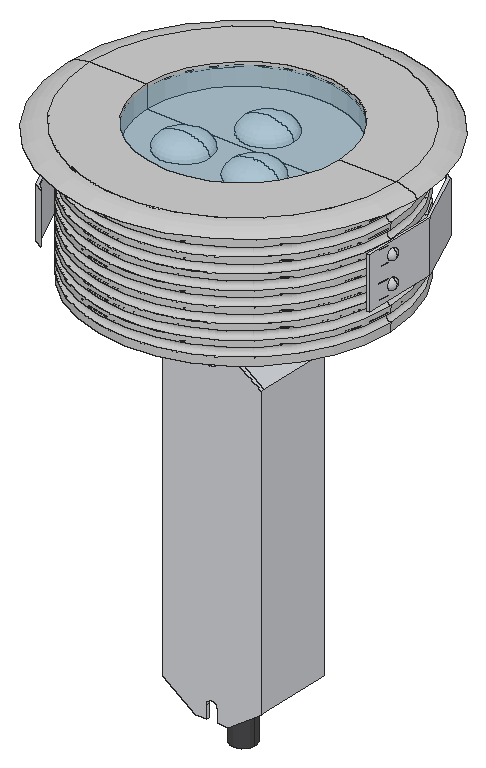
Revit family "SLIM INGROUND 6W SIMETRICO_LKB0326WW.45", category Luminarias, Revit 2019
Family settings
  Cota de conector redondo = Diámetro de uso
  Tipo de pieza = Normal
  Se basa en plano de trabajo = Sí
  Siempre vertical = No
  Corte con vacíos al cargar = No
  Origen de luz = Sí
  Compartido = No
  Punto de cálculo de habitación = No
Parameters (values of type "EMP_LKB0326WW.45")
  Ángulo de inclinación = 30.00°
  Ángulo de enfoque = 45.00°
  Ángulo de campo de foco = 45.00°
  Zone [instance] = ""
  Watt per fixture = 6.2
  Wattage = 6.2 W
  built-in parameter 1150107 = 3000 (stored number, unit not read)
  built-in parameter 1150110 = 1 (stored number, unit not read)
  built-in parameter 1150109 = 1 (stored number, unit not read)
  built-in parameter 1150112 = 1 (stored number, unit not read)
  built-in parameter 1150113 = 1 (stored number, unit not read)
  built-in parameter 1114218 = 1 (stored number, unit not read)
  Keynote = ""
  built-in parameter 1150137 = (empty or 0)
  built-in parameter 1150132 = (empty or 0)
  Modelo = "LKB0326WW.45"
  Lámpara = "OSRAM"
  Longitud de símbolo de origen de luz = 500 mm
  built-in parameter 1150105 = 1119.5 (stored number, unit not read)
  built-in parameter 1150102 = (empty or 0)
  built-in parameter 1150106 = 11.195 (stored number, unit not read)
  Lumens = 387.996 lm
  Color Filter = 16777215
  built-in parameter 1114217 = 1 (stored number, unit not read)
  built-in parameter 1150139 = (empty or 0)
  Fabricante = "BRILLANT"
  Default Elevation = 0 mm
  built-in parameter 1150104 = 5.8139 (stored number, unit not read)
  Descripción = "LUMINARIA TIPO CIRCULAR PARA EMPOTRAR EN PISO CON CUERPO DE ALUMINIO FUNDIDO A PRESION CUBIERTO CON POLVO GRIS OSCURO, CON CUBIERTA DE ACERO INOXIDABLE Y VIDRIO TEMPLADO DE 8MM, CON 116MM DE DIAMETRO Y 38MM DE PROFUNDIDAD, INSTALACION EMPOTRABLE EN PISO CON POCO ESPACIO, USO PARA INTERIORES COMO EXTERIORES CON IP 67, CUENTA CON 3 LED TIPO OSRAM CON UNA POTENCIA TOTAL DE 6.2W, A UNA TEMPERATURA EN BLANCO CALIDO 3000K CON 388 LUMENES, 89mA EN CORRIENTE DE OPERACIÓN, IK08, IRC 80, DISPONIBLE PARA ATENUAR EN TRIAC, APERTURA A 45 GRADOS POR PROYECTO, FUENTE REMOTA (INCLUIDA) CON 97MM DE LARGO POR 25MM DE ALTO POR 33MM DE ANCHO, ALIMENTADA A 100-240V."
  built-in parameter 1150115 = 1 (stored number, unit not read)
  built-in parameter 1150114 = 1 (stored number, unit not read)
  Comentarios de vataje = "100-240V"
  built-in parameter 1150138 = (empty or 0)
  built-in parameter 1150134 = (empty or 0)
  Circuit [instance] = ""
  Dimming Lamp Color Temperature Shift = (empty or 0)
  built-in parameter 1150133 = 10 (stored number, unit not read)
Reference planes
  plane 1 "Centro (Frontal/Posterior)": y = 0
  plane 2: z = 0
  plane 3 "Centro (Izquierda/Derecha)": x = 0
  plane 4: z = -38
  plane 5: z = -43
Forms (mm)
  Revolve 1, solid, material "Acero Inoxidable"
    sketch origin (0, 0, 0) x (1, 0, 0) y (0, 0, 1)
      loop
        line (-32.356, 2.379) -> (-51.186, 2.379)
        arc (-51.186, 2.379) -> (-54.974, 1.769) -> (-58.379, 0) r 12.065
        line (-58.379, 0) -> (-49.379, 0) -> (-49.379, -7.422)
        arc (-49.379, -7.422) -> (-47.881, -8.92) -> (-49.379, -10.419) r 1.499
        line (-49.379, -10.419) -> (-49.379, -12.422)
        arc (-49.379, -12.422) -> (-47.881, -13.92) -> (-49.379, -15.419) r 1.499
        line (-49.379, -15.419) -> (-49.379, -17.422)
        arc (-49.379, -17.422) -> (-47.881, -18.92) -> (-49.379, -20.419) r 1.499
        line (-49.379, -20.419) -> (-49.379, -22.422)
        arc (-49.379, -22.422) -> (-47.881, -23.92) -> (-49.379, -25.419) r 1.499
        line (-49.379, -25.419) -> (-49.379, -27.422)
        arc (-49.379, -27.422) -> (-47.881, -28.92) -> (-49.379, -30.419) r 1.499
        line (-49.379, -30.419) -> (-49.379, -32.422)
        arc (-49.379, -32.422) -> (-47.881, -33.92) -> (-49.379, -35.419) r 1.499
        line (-49.379, -35.419) -> (-49.379, -37.422)
        arc (-49.379, -37.422) -> (-47.881, -38.92) -> (-49.379, -40.419) r 1.499
        line (-49.379, -40.419) -> (-49.379, -43) -> (0, -43) -> (0, -5.045) -> (-32.356, -5.045) -> (-32.356, 2.379)
      axis (0, 2.379) -> (0, -43)
    angle from 0 to 360
  Extrusion 2, solid, material "Cristal"
    sketch origin (0, 0, 0) x (1, 0, 0) y (0, 1, 0)
      loop
        circle (0, 0) r 32.356
    from 0.921 to 1.499
  Revolve 3, solid
    sketch origin (93.878, -10.202, -77.173) x (-1, 0, 0) y (0, 0, 1)
      loop
        line (105.714, 77.128) -> (105.714, 72.128) -> (114.371, 72.128)
        spline (114.371, 72.128) -> (114.297, 72.781) -> (114.076, 73.422) -> (113.712, 74.042) -> (113.211, 74.628) -> (112.582, 75.172) -> (111.835, 75.664) -> (110.984, 76.095) -> (110.043, 76.458) -> (109.027, 76.748) -> (107.955, 76.958) -> (106.844, 77.085) -> (105.714, 77.128)
      axis (105.714, 72.128) -> (105.714, 77.128)
    angle from 0 to 360
  Revolve 4, solid
    sketch origin (-93.878, -10.202, -77.173) x (1, 0, 0) y (0, 0, 1)
      loop
        line (105.714, 77.128) -> (105.714, 72.128) -> (114.371, 72.128)
        spline (114.371, 72.128) -> (114.297, 72.781) -> (114.076, 73.422) -> (113.712, 74.042) -> (113.211, 74.628) -> (112.582, 75.172) -> (111.835, 75.664) -> (110.984, 76.095) -> (110.043, 76.458) -> (109.027, 76.748) -> (107.955, 76.958) -> (106.844, 77.085) -> (105.714, 77.128)
      axis (105.714, 72.128) -> (105.714, 77.128)
    angle from 0 to 360
  Revolve 5, solid
    sketch origin (-105.714, 10.202, -77.173) x (1, 0, 0) y (0, 0, -1)
      loop
        spline (105.714, -77.128) -> (106.844, -77.085) -> (107.955, -76.958) -> (109.027, -76.748) -> (110.043, -76.458) -> (110.984, -76.095) -> (111.835, -75.664) -> (112.582, -75.172) -> (113.211, -74.628) -> (113.712, -74.042) -> (114.076, -73.422) -> (114.297, -72.781) -> (114.371, -72.128)
        line (114.371, -72.128) -> (105.714, -72.128) -> (105.714, -77.128)
      axis (105.714, -72.128) -> (105.714, -77.128)
    angle from 0 to 360
  Extrusion 6, solid
    sketch origin (0, 0, 0) x (1, 0, 0) y (0, 1, 0)
      loop
        line (49.379, -10) -> (50.179, -10) -> (50.179, 15.17) -> (41.455, 34.765) -> (38.597, 36.492) -> (40.785, 34.304) -> (49.379, 15) -> (49.379, -10)
      loop
        line (-49.379, 10) -> (-50.179, 10) -> (-50.179, -15.17) -> (-41.455, -34.765) -> (-38.597, -36.492) -> (-40.785, -34.304) -> (-49.379, -15) -> (-49.379, 10)
    from -32.422 to -15.419
  Revolve 7, solid
    sketch origin (-21.949, -0.827, -124.707) x (0, 0, 1) y (-1, 0, 0)
      loop
        arc (105.714, -73.907) -> (106.972, -73.386) -> (107.494, -72.128) r 1.779
        line (107.494, -72.128) -> (105.714, -72.128) -> (105.714, -73.907)
      axis (105.714, -72.128) -> (105.714, -73.907)
    angle from 0 to 360
  Revolve 8, solid
    sketch origin (-21.949, -0.827, -133.613) x (0, 0, 1) y (-1, 0, 0)
      loop
        arc (105.714, -73.907) -> (106.972, -73.386) -> (107.494, -72.128) r 1.779
        line (107.494, -72.128) -> (105.714, -72.128) -> (105.714, -73.907)
      axis (105.714, -72.128) -> (105.714, -73.907)
    angle from 0 to 360
  Revolve 9, solid
    sketch origin (21.949, -0.827, -124.707) x (0, 0, 1) y (-1, 0, 0)
      loop
        line (105.714, 73.907) -> (105.714, 72.128) -> (107.494, 72.128)
        arc (107.494, 72.128) -> (106.972, 73.386) -> (105.714, 73.907) r 1.779
      axis (105.714, 72.128) -> (105.714, 73.907)
    angle from 0 to 360
  Revolve 10, solid
    sketch origin (21.949, -0.827, -133.613) x (0, 0, 1) y (-1, 0, 0)
      loop
        line (105.714, 73.907) -> (105.714, 72.128) -> (107.494, 72.128)
        arc (107.494, 72.128) -> (106.972, 73.386) -> (105.714, 73.907) r 1.779
      axis (105.714, 72.128) -> (105.714, 73.907)
    angle from 0 to 360
  Extrusion 11, solid
    sketch origin (0, 0, 0) x (1, 0, 0) y (0, 1, 0)
      loop
        line (-16.5, 12.961) -> (-16.5, -12.039) -> (16.5, -12.039) -> (16.5, 12.961) -> (-16.5, 12.961)
    from -163.604 to -66.792
  Extrusion 12, solid, material "Plastico"
    sketch origin (0, 0, 0) x (1, 0, 0) y (0, 1, 0)
      loop
        circle (0, 0) r 3.943
    from -66.792 to -43
  Extrusion 13, solid, material "Plastico"
    sketch origin (0, 0, 0) x (1, 0, 0) y (0, 1, 0)
      loop
        circle (0, 0) r 3.943
    from -183.076 to -163.604
  Extrusion 14, solid
    sketch origin (0, 0, 0) x (1, 0, 0) y (0, 1, 0)
      loop
        line (0, 5) -> (-4.33, 2.5) -> (-4.33, -2.5) -> (0, -5) -> (4.33, -2.5) -> (4.33, 2.5) -> (0, 5)
    from -167.291 to -64.236
  Extrusion 15, solid
    sketch origin (0, 0, 0) x (1, 0, 0) y (0, 0, 1)
      loop
        line (-16.5, -66.792) -> (-16.5, -163.604) -> (-5.388, -171.384) -> (-1.803, -171.384) -> (-1.803, -167.031)
        arc (-1.803, -167.031) -> (0, -165.228) -> (1.803, -167.031) r 1.803
        line (1.803, -167.031) -> (1.803, -171.384) -> (5.388, -171.384) -> (16.5, -163.604) -> (16.5, -66.792) -> (5.388, -59.012) -> (1.803, -59.012) -> (1.803, -63.365)
        arc (1.803, -63.365) -> (0, -65.168) -> (-1.803, -63.365) r 1.803
        line (-1.803, -63.365) -> (-1.803, -59.012) -> (-5.388, -59.012) -> (-16.5, -66.792)
    from 12.039 to 13.095
Cuts and joins
  joined: Extrusion 11, Extrusion 15
Dimensions and locks
  plane 2 to plane 5 = 43 mm
  Revolve 1 sketch curve to Revolve 1 sketch curve = 58.379 mm
  Extrusion 11 to Extrusion 11 = 96.811 mm
  Extrusion 11 to Extrusion 11 = 33 mm
  aligned and locked: level to plane 2
Connectors
  electrical at (0, 0, -183.076)
    settings: on Extrusion 13, index 1, voltage 240 V, apparent load 0 VA, apparent load phase1 0 VA, apparent load phase2 0 VA, apparent load phase3 0 VA, power factor 1, load classification "Otro", number of poles 1, system type 31, power factor state 1, is connector primary yes, connector utility no, sub classification motor no, connector description ""
